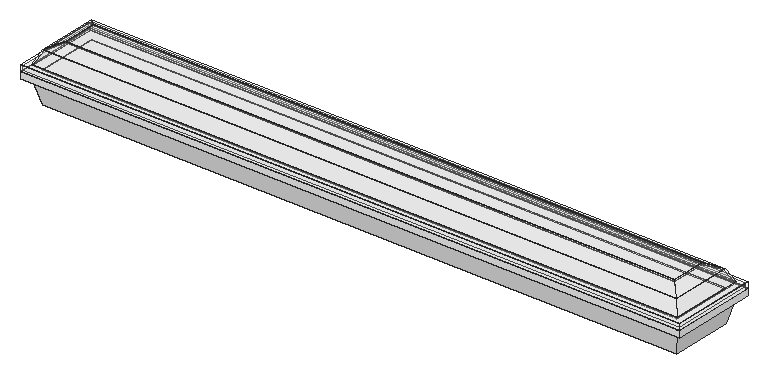
Revit family "LXEM", category Lighting Fixtures, host Face, Revit 2021
Family settings
  Host = Face
  Round Connector Dimension = Use Diameter
  Part Type = Normal
  OmniClass Number = 23.80.70.11
  OmniClass Title = Luminaries for Internal Lighting
  Cut with Voids When Loaded = No
  Light Source = Yes
  Shared = Yes
  Room Calculation Point = No
Parameters (values of type "LXEM4-40XL-RFA-EU")
  Wattage = 102 W
  built-in parameter 1150110 = 1 (stored number, unit not read)
  Voltage = 120 V
  Wattage Comments = ""
  URL = "www.currentlighting.com/columbialighting"
  built-in parameter 1114217 = 1 (stored number, unit not read)
  Tilt Angle = -90.00°
  built-in parameter 1150109 = 1 (stored number, unit not read)
  built-in parameter 1150134 = 12
  built-in parameter 1150113 = 1 (stored number, unit not read)
  Shielding = "Ribbed Frosted Acrylic"
  Product Page URL = ""
  Product Documentation Link = ""
  Photometric Web File = "LXEM4-40XL-RFA-EU.ies"
  Nominal Watts = 102 W
  Model = "LXEM"  # constant formula
  Manufacturer = "Columbia Lighting"  # constant formula
  Row Length = 4.0 ft
  built-in parameter 1150105 = 852.27 (stored number, unit not read)
  Lumens = 10710 lm
  built-in parameter 1150115 = 1 (stored number, unit not read)
  Lumen Output = "Xtra High Lumen"
  built-in parameter 1150137 = (empty or 0)
  built-in parameter 1150139 = (empty or 0)
  built-in parameter 1150112 = 1 (stored number, unit not read)
  built-in parameter 1150114 = 1 (stored number, unit not read)
  Lamp = "LED Lamp"
  built-in parameter 1150132 = (empty or 0)
  built-in parameter 1150102 = (empty or 0)
  built-in parameter 1150107 = 4000 (stored number, unit not read)
  built-in parameter 1150138 = (empty or 0)
  built-in parameter 1150106 = 8.5227 (stored number, unit not read)
  Glass = White Glass
  Emit from Line Length = 2.0 ft
  built-in parameter 1150104 = 9.7548 (stored number, unit not read)
  Driver = "Fixed Output"
  Dimming Lamp Color Temperature Shift = <None>
  Description = "LXEM is a multi-functional enclosed LED product which serves rugged to severe conditions as well as food service areas"  # constant formula
  Default Elevation = 4.0 ft
  Color Filter = 16777215
  built-in parameter 1114218 = 1 (stored number, unit not read)
  Backbox = White
  built-in parameter 1150133 = 10 (stored number, unit not read)
  Apparent Load = 0 VA
Reference planes (ft)
  plane 1 "Center (Front/Back)": y = 0.003333
  plane 2: z = 0
  plane 3 "Center (Left/Right)": x = 0.13912
  plane 4: x = -1.86088
  plane 5: x = 2.13912
Dimensions and locks (ft)
  equal spacing: plane 5, plane 3 "Center (Left/Right)", plane 4
  "Row Length": plane 5 to plane 4
  aligned and locked: plane 2 to host face
  aligned and locked: level to host face
  aligned and locked: plane 3 "Center (Left/Right)" to nested 1
  aligned and locked: plane 4 to nested 1
  aligned and locked: plane 1 "Center (Front/Back)" to nested 1
  aligned and locked: imposter light to nested 1
  aligned and locked: imposter light to plane 1 "Center (Front/Back)"
  aligned and locked: plane 3 "Center (Left/Right)" to imposter light
Automatic sketch dimensions
  host sketch curve to host sketch curve = 8.0 ft  (x2)
Nested families (ft)
  nested 1: "LED Enclosed and Gasketed" at (0.309759, 0, 0), Row Length <- "Row Length", Glass <- "Glass", Backbox <- "Backbox", type "LED Enclosed and Gasketed"
    with Row Length 4.0 ft, Glass White Glass, Backbox White
Connectors (ft)
  electrical at (0.13912, 0.003333, 0), driven by "Voltage", driven by "Description"
    settings: on nested 1, index 1, voltage 120 V, apparent load 0 VA, apparent load phase1 0 VA, apparent load phase2 0 VA, apparent load phase3 0 VA, power factor 1, load classification "Other", number of poles 1, system type 30, power factor state 1, is connector primary yes, connector utility no, sub classification motor no, connector description "LXEM is a multi-functional enclosed LED product which serves rugged to severe conditions as well as food service areas"
Definition of nested family "LED Enclosed and Gasketed"
  Parameters
    Wattage Comments = ""
    URL = ""
    Row Length [instance] = 4.0 ft
    Product Page URL = ""
    Product Documentation Link = ""
    Model = ""
    Manufacturer Phone = "(864)-678-1000"  # constant formula
    Manufacturer Fax = "(866)-898-1065"  # constant formula
    Manufacturer = ""
    Lamp = ""
    Glass [instance] = none
    Description = ""
    Default Elevation = 4.0 ft
    Backbox [instance] = none
  Reference planes (ft)
    plane 1 "Center (Front/Back)": y = 0.003333
    plane 2: z = 0
    plane 3 "Center (Left/Right)": x = -0.170639
    plane 4: x = -2.337306
    plane 5: x = 1.996027
    plane 6: y = 0.28574
    plane 7: y = -0.279075
    plane 8: z = 0.364583
    plane 9: z = 0.2
    plane 10: y = 0.244073
    plane 11: y = -0.237408
    plane 12: y = 0.202407
    plane 13: y = -0.195741
    plane 14: x = -2.170639
    plane 15: x = 1.829361
    plane 16: z = 0.322917
    plane 17: z = 0.241667
    plane 18: y = 0.119073
    plane 19: z = 0.35625
    plane 20: z = 0.0625
    plane 21: y = -0.112408
    plane 22: z = 0.158333
  Forms (ft)
    Extrusion 1, solid
      sketch origin (0, 0, 0.005297) x (1, 0, 0) y (0, 1, 0)
        loop
          line (-4, 4) -> (-4, -4) -> (4, -4) -> (4, 4) -> (-4, 4)
      from -0.005297 to -1.478638
    Extrusion 2, solid, material <- "Backbox"
      sketch origin (0, 1.902299, 0.2) x (0, 1, 0) y (-1, 0, 0)
        loop
          line (-1.783226, 2.170639) -> (-2.014707, 2.170639) -> (-2.014707, -1.829361) -> (-1.783226, -1.829361) -> (-1.783226, 2.170639)
      from -0.2 to 0
    Sweep 3, solid, material <- "Backbox"
      path origin (0, 1.902299, 0.2) x (0, 1, 0) y (-1, 0, 0)
        loop
          line (-1.616559, 2.337306) -> (-2.181374, 2.337306) -> (-2.181374, -1.996027) -> (-1.616559, -1.996027) -> (-1.616559, 2.337306)
      profile origin (-0.170639, 0.28574, 0.2) x (0, 1, 0) y (0, 0, 1)
        loop
          line (0, 0) -> (-0.166667, 0) -> (-0.166667, -0.2) -> (-0.083333, -0.2) -> (-0.041667, -0.041667) -> (0, -0.041667) -> (0, 0)
    Sweep 4, solid, material <- "Glass"
      path origin (0, 1.902299, 0.2) x (0, 1, 0) y (-1, 0, 0)
        loop
          line (-1.616559, 2.337306) -> (-2.181374, 2.337306) -> (-2.181374, -1.996027) -> (-1.616559, -1.996027) -> (-1.616559, 2.337306)
      profile origin (-0.170639, 0.28574, 0.2) x (0, 1, 0) y (0, 0, 1)
        loop
          line (0, 0) -> (0, 0.041667) -> (-0.041667, 0.041667) -> (-0.083333, 0.122917) -> (-0.166667, 0.164583) -> (-0.166667, 0.155266) -> (-0.089502, 0.116684) -> (-0.046758, 0.033333) -> (-0.008333, 0.033333) -> (-0.008333, 0.008333) -> (-0.083333, 0.008333) -> (-0.083333, 0) -> (0, 0)
    Extrusion 5, solid, material <- "Glass"
      sketch origin (-0.170639, 0, 0) x (0, 1, 0) y (0, 0, 1)
        loop
          line (0.119073, 0.364583) -> (-0.112408, 0.364583) -> (-0.112408, 0.355266) -> (0.119073, 0.355266) -> (0.119073, 0.364583)
      from -2 to 2
  Cuts and joins
    joined: Extrusion 2, Sweep 3
    joined: Sweep 4, Extrusion 5
  Dimensions and locks (ft)
    equal spacing: plane 5, plane 3 "Center (Left/Right)", plane 4
    equal spacing: plane 6, plane 1 "Center (Front/Back)", plane 7
    locked: plane 6 to plane 7 at 0.564815
    locked: plane 9 to plane 2 at 0.2
    locked: plane 8 to plane 2 at 0.364583
    equal spacing: plane 10, plane 1 "Center (Front/Back)", plane 11
    locked: plane 6 to plane 10 at 0.041667
    plane 10 to plane 12 = 0.041667 ft
    equal spacing: plane 12, plane 1 "Center (Front/Back)", plane 13
    plane 14 to plane 4 = 0.166667 ft
    equal spacing: plane 15, plane 3 "Center (Left/Right)", plane 14
    locked: plane 17 to plane 9 at 0.041667
    locked: plane 8 to plane 16 at 0.041667
    locked: plane 8 to plane 19 at 0.008333
    locked: plane 20 to level at 0.0625
    equal spacing: plane 21, plane 1 "Center (Front/Back)", plane 18
    locked: plane 9 to plane 22 at 0.041667
    "Row Length": plane 15 to plane 14
    locked: plane 6 to plane 18 at 0.166667
    locked: Sweep 4 sketch curve to Sweep 4 sketch curve at 0.009317
    locked: Sweep 4 sketch curve to Sweep 4 sketch curve at 0.008333  (x3)
    Sweep 4 sketch curve to Sweep 4 sketch curve to plane 17 = 0.008333 ft, 0.0 ft locked
    locked: plane 6 to Sweep 4 sketch curve at 0.008333
    aligned and locked: plane 2 to Extrusion 1
    aligned and locked: level to Extrusion 1
    aligned and locked: Extrusion 2 to level
    aligned and locked: plane 9 to Extrusion 2
    aligned and locked: plane 6 to Sweep 3 sketch curve
    aligned and locked: plane 4 to Sweep 3 sketch curve
    aligned and locked: Sweep 3 sketch curve to plane 7
    aligned and locked: Sweep 3 sketch curve to plane 5
    aligned and locked: plane 9 to Sweep 3 sketch curve
    aligned and locked: Sweep 3 sketch curve to plane 6
    aligned and locked: Sweep 3 sketch curve to plane 22
    aligned and locked: plane 22 to Sweep 3 sketch curve
    aligned and locked: plane 10 to Sweep 3 sketch curve
    aligned and locked: level to Sweep 3 sketch curve
    aligned and locked: plane 12 to Sweep 3 sketch curve
    aligned and locked: plane 18 to Sweep 3 sketch curve
    aligned and locked: Sweep 3 to Extrusion 2
    aligned and locked: Extrusion 2 to plane 2
    aligned and locked: Extrusion 2 to plane 14
    aligned and locked: plane 15 to Extrusion 2
    aligned and locked: Sweep 4 sketch curve to cut or joined group of Extrusion 2, Sweep 3  (x4)
    aligned and locked: Sweep 4 sketch curve to plane 9
    aligned and locked: plane 6 to Sweep 4 sketch curve
    aligned and locked: plane 17 to Sweep 4 sketch curve
    aligned and locked: plane 10 to Sweep 4 sketch curve
    aligned and locked: plane 16 to Sweep 4 sketch curve
    aligned and locked: plane 12 to Sweep 4 sketch curve
    aligned and locked: plane 18 to Sweep 4 sketch curve
    aligned and locked: plane 8 to Sweep 4 sketch curve
    aligned and locked: Extrusion 5 sketch curve to Sweep 4  (x4)
    aligned and locked: plane 15 to Extrusion 5
    aligned and locked: Extrusion 5 to plane 14
  Automatic sketch dimensions
    Extrusion 1 sketch curve to Extrusion 1 sketch curve = 8.0 ft  (x2)
    plane 21 to Extrusion 2 sketch curve = 0.0 ft
    plane 18 to Extrusion 2 sketch curve = 0.0 ft
    Extrusion 2 sketch curve to plane 15 = 0.0 ft
    plane 14 to Extrusion 2 sketch curve = 0.0 ft
    Sweep 4 sketch curve to Sweep 4 sketch curve = 0.041667 ft
